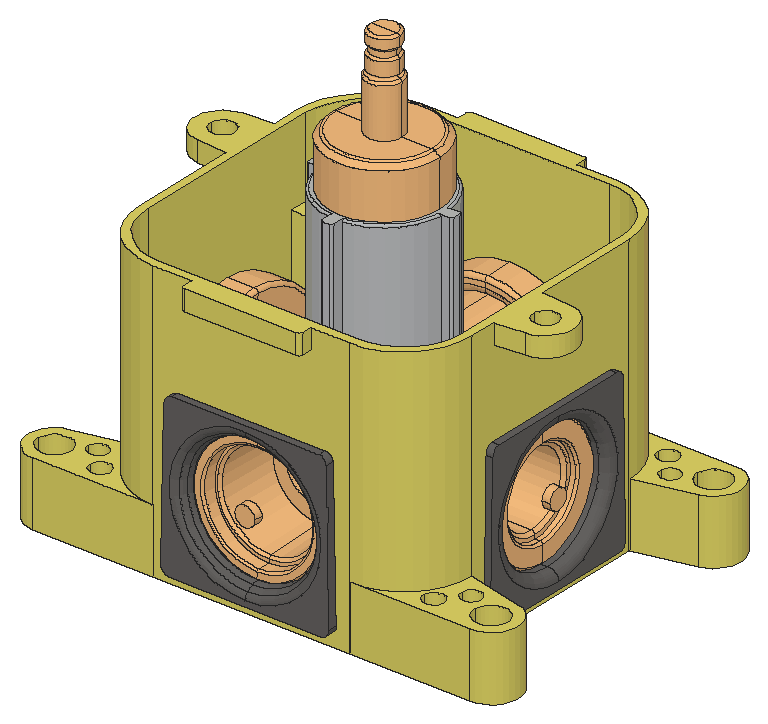
Revit family "Shower-Valves_and_Controls-KALLISTA-Italy-P32996", category Plumbing Fixtures, host Face, Revit 2021
Family settings
  Host = Face
  Round Connector Dimension = Use Diameter
  Part Type = Normal
  OmniClass Number = 23.27.31.00
  OmniClass Title = Valves
  Cut with Voids When Loaded = No
  Shared = No
  Room Calculation Point = No
Parameters (values of type "NA-Not Applicable")
  Width = 4 111/128"  # constant formula
  WaterSense Certified = 1 = 0  # no
  Waste Water Outlet = "Waste Water Outlet"  # constant formula
  Waste Connection = 1 = 0  # no
  Vent Connection = 1 = 0  # no
  URL = "https://www.kallista.com/"
  Type = 1
  Tempered Water Outlet = "Tempered Water Outlet "  # constant formula
  Product Page URL = ""
  Product Name = "Italy"  # constant formula
  Product Documentation Link = ""
  Pressure = 0.00 psi
  Model = "P32996-00-NA"  # constant formula
  Material = "Premium Metal Construction"  # constant formula
  Master Format 2014 Name = "Control Valves"  # constant formula
  Master Format 2014 = "23 09 13.33"  # constant formula
  Manufacturer Address = "444 Highland Dr, Kohler, WI 53044"  # constant formula
  Manufacturer = "Kallista Co."  # constant formula
  Length = 4 127/256"  # constant formula
  Hot Water Inlet = "Hot Water Inlet"  # constant formula
  Height = 3 145/256"  # constant formula
  HW Connection = 1 = 1  # yes
  Flow Rate = 0 GPM
  Finish = Kohler-Metal-Brass
  Environmental Product Declaration = ""
  Description = "Volume Control Rough In Valve"  # constant formula
  Default Elevation = 42"
  Declare Label = ""
  Date Modified = "11/12/2024"  # constant formula
  Date Created = "11/12/2024"  # constant formula
  Copyright = "Copyright Kallista Co."  # constant formula
  Contact Us = "https://www.kallista.com/corporate/contact-us/"
  Cold Water Inlet = "Cold Water Inlet"  # constant formula
  CW Connection = 1 = 1  # yes
  Assembly Code = "D2020"
  ADA Compliant = 1 = 0  # no
Reference planes (in)
  plane 1 "Center (Front/Back)": y = 0
  plane 2: z = 0
  plane 3 "Center (Left/Right)": x = 0
  plane 4: y = 1.78346
  plane 5: x = -2.43307
  plane 6: y = -1.78294
  plane 7: x = -2.16535
  plane 8: x = 2.16535
  plane 9: x = -1.72457
  plane 10: x = 1.64583
  plane 11: y = 1.37795
  plane 12: y = -1.37795
  plane 13: x = -1.64583
  plane 14: y = -1.64549
  plane 15: x = 1.72457
  plane 16: y = 1.64549
  plane 17: x = 2.43412
  plane 18: y = 1.72442
  plane 19: y = -1.72442
  plane 20: z = 1.1811
  plane 21: z = -3.31499
  plane 22: z = -0.55125
  plane 23: z = 0.2757
  plane 24: z = -2.40161
  plane 25: x = -0.60599
  plane 26: y = 0.60599
  plane 27: x = 0.60599
  plane 28: y = -0.60599
Forms (in)
  Extrusion 1, void
    sketch origin (-0.04921, 0, 0) x (1, 0, 0) y (0, 0, 1)
      loop
        line (1.5389, -0.60561) -> (-1.87432, -0.60561) -> (-1.87432, -2.08525) -> (1.5389, -2.08525) -> (1.5389, -0.60561)
    from -1.34438 to 1.48338
  Extrusion 2, void
    sketch origin (0, 0, 0) x (1, 0, 0) y (0, 0, 1)
      loop
        line (-2.43307, -3.31499) -> (2.43307, -3.31499) -> (2.43307, -0.23626) -> (-2.43307, -0.23626) -> (-2.43307, -3.31499)
    from -1.78346 to 1.78346
  Extrusion 3, void
    sketch origin (0, 0, 0) x (1, 0, 0) y (0, 1, 0)
      loop
        circle (0, 0) r 0.55113
    from 0.21629 to -0.74721
Dimensions and locks (in)
  plane 20 to level = 1.1811"
  plane 5 to plane 17 = 4 111/128"
  plane 20 to plane 21 = 4 127/256"
  level to plane 21 = 3.31499"
  plane 9 to plane 15 = 3.44914"
  plane 13 to plane 10 = 3.29166"
  plane 24 to plane 21 = 0.91339"
  "Length": plane 21 to plane 20
  plane 4 to plane 6 = 3 145/256"
  "Width": plane 5 to plane 17
  "Height": plane 4 to plane 6
  aligned and locked: plane 2 to host face
  aligned and locked: level to host face
  aligned and locked: plane 1 "Center (Front/Back)" to nested 1
  aligned and locked: plane 3 "Center (Left/Right)" to nested 1
  aligned and locked: nested 1 to plane 20
Automatic sketch dimensions
  host sketch curve to host sketch curve = 96"  (x2)
  Extrusion 1 sketch curve to plane 22 = 0.05435"
  plane 9 to Extrusion 1 sketch curve = 0.19896"
  Extrusion 1 sketch curve to plane 10 = 0.15615"
  Extrusion 1 sketch curve to plane 24 = 0.31636"
  plane 22 to Extrusion 2 sketch curve = 0.31499"
  Extrusion 2 sketch curve to plane 21 = 0"
  plane 5 to Extrusion 2 sketch curve = 0"
  Extrusion 2 sketch curve to plane 8 = 0.26772"
Nested families (in)
  nested 1: "P32996" at (0, 0, -0.55125), type "P32996"
Connectors (in)
  piping at (0, -1.72442, -2.40165), diameter 0.75, driven by "HW Connection", driven by "Hot Water Inlet"
    settings: on nested 1, index 1, connector inside diameter 24", connector length 0", flow factor 0, pipe flow 0 GPM, pressure drop 0.00 psi, fitting loss kfactor 0, connector angle 0.00°, fixture units 0, engagement length 0", angle of deflection 0.00°, flow configuration 0, flow direction 1, fitting loss method 0, system type 19, joint type 0, gender type 0, connector reference index -1, connector utility 1, adjustable connector no, is connector primary yes, connector description "Hot Water Inlet"
  piping at (0, 1.72442, -2.40165), diameter 0.75, driven by "CW Connection", driven by "Cold Water Inlet"
    settings: on nested 1, index 2, connector inside diameter 24", connector length 0", flow factor 0, pipe flow 0 GPM, pressure drop 0.00 psi, fitting loss kfactor 0, connector angle 0.00°, fixture units 0, engagement length 0", angle of deflection 0.00°, flow configuration 0, flow direction 1, fitting loss method 0, system type 20, joint type 0, gender type 0, connector reference index -1, connector utility 1, adjustable connector no, is connector primary no, connector description "Cold Water Inlet"
  piping at (1.72442, 0, -2.40165), diameter 0.5, driven by "HW Connection", driven by "Tempered Water Outlet"
    settings: on nested 1, index 3, connector inside diameter 24", connector length 0", flow factor 0, pipe flow 0 GPM, pressure drop 0.00 psi, fitting loss kfactor 0, connector angle 0.00°, fixture units 0, engagement length 0", angle of deflection 0.00°, flow configuration 0, flow direction 2, fitting loss method 0, system type 19, joint type 0, gender type 0, connector reference index -1, connector utility 1, adjustable connector no, is connector primary no, connector description "Tempered Water Outlet "
Definition of nested family "P32996"
  Parameters
    Material = none
    Default Elevation = 0"
  Reference planes (in)
    plane 1 "Center (Front/Back)": y = 0
    plane 2: z = 0
    plane 3 "Center (Left/Right)": x = 0
    plane 4: z = -2.76378
    plane 5: x = 2.43307
    plane 6: x = -2.43307
    plane 7: x = -2.16535
    plane 8: x = 2.16535
    plane 9: z = -1.85039
    plane 10: y = -1.78346
    plane 11: y = 1.78346
    plane 12: y = 1.37795
    plane 13: y = -1.37795
    plane 14: z = 1.73235
    plane 15: x = -1.64583
    plane 16: x = 1.64583
    plane 17: y = -1.64549
    plane 18: y = 1.64549
    plane 19: x = -1.72457
    plane 20: x = 1.72457
    plane 21: y = -1.72442
    plane 22: y = 1.72442
    plane 23: x = -0.60599
    plane 24: x = 0.60599
    plane 25: y = -0.60599
    plane 26: y = 0.60599
    plane 27: z = 0.55125
  Forms (in)
    Extrusion 1, solid
      sketch origin (0, 0, 0) x (1, 0, 0) y (0, 1, 0)
        loop
          arc (-0.97654, 1.64549) -> (-1.4498, 1.44946) -> (-1.64583, 0.97619) r 0.66929
          line (-1.64583, 0.97619) -> (-1.64583, -0.97619)
          arc (-1.64583, -0.97619) -> (-1.4498, -1.44946) -> (-0.97654, -1.64549) r 0.66929
          line (-0.97654, -1.64549) -> (0.97654, -1.64549)
          arc (0.97654, -1.64549) -> (1.4498, -1.44946) -> (1.64583, -0.97619) r 0.66929
          line (1.64583, -0.97619) -> (1.64583, 0.97619)
          arc (1.64583, 0.97619) -> (1.4498, 1.44946) -> (0.97654, 1.64549) r 0.66929
          line (0.97654, 1.64549) -> (-0.97654, 1.64549)
        loop
          arc (-0.97654, 1.56675) -> (-1.39412, 1.39378) -> (-1.56709, 0.97619) r 0.59055
          line (-1.56709, 0.97619) -> (-1.56709, -0.97619)
          arc (-1.56709, -0.97619) -> (-1.39412, -1.39378) -> (-0.97654, -1.56675) r 0.59055
          line (-0.97654, -1.56675) -> (0.97654, -1.56675)
          arc (0.97654, -1.56675) -> (1.39412, -1.39378) -> (1.56709, -0.97619) r 0.59055
          line (1.56709, -0.97619) -> (1.56709, 0.97619)
          arc (1.56709, 0.97619) -> (1.39412, 1.39378) -> (0.97654, 1.56675) r 0.59055
          line (0.97654, 1.56675) -> (-0.97654, 1.56675)
      from 0 to -2.76378
    Extrusion 2, solid
      sketch origin (0, 0, 0) x (1, 0, 0) y (0, 1, 0)
        loop
          arc (0.97654, 1.64549) -> (1.44715, 1.45209) -> (1.64579, 0.98368) r 0.66929
          line (1.64579, 0.98368) -> (2.22594, 1.11761)
          arc (2.22594, 1.11761) -> (2.43144, 1.40839) -> (2.16579, 1.64549) r 0.26736
          line (2.16579, 1.64549) -> (0.97654, 1.64549)
        loop
          circle (2.16579, 1.37812) r 0.16468
        loop
          circle (1.65401, 1.45083) r 0.10277
        loop
          circle (1.85139, 1.23292) r 0.09799
        loop
          line (-0.97654, 1.64549) -> (-2.16579, 1.64549)
          arc (-2.16579, 1.64549) -> (-2.43144, 1.40839) -> (-2.22594, 1.11761) r 0.26736
          line (-2.22594, 1.11761) -> (-1.64579, 0.98368)
          arc (-1.64579, 0.98368) -> (-1.44715, 1.45209) -> (-0.97654, 1.64549) r 0.66929
        loop
          circle (-2.16579, 1.37812) r 0.16468
        loop
          circle (-1.65401, 1.45083) r 0.10277
        loop
          circle (-1.85139, 1.23292) r 0.09799
        loop
          line (0.97654, -1.64549) -> (2.16579, -1.64549)
          arc (2.16579, -1.64549) -> (2.43144, -1.40839) -> (2.22594, -1.11761) r 0.26736
          line (2.22594, -1.11761) -> (1.64579, -0.98368)
          arc (1.64579, -0.98368) -> (1.44715, -1.45209) -> (0.97654, -1.64549) r 0.66929
        loop
          circle (2.16579, -1.37812) r 0.16468
        loop
          circle (1.65401, -1.45083) r 0.10277
        loop
          circle (1.85139, -1.23292) r 0.09799
        loop
          arc (-0.97654, -1.64549) -> (-1.44715, -1.45209) -> (-1.64579, -0.98368) r 0.66929
          line (-1.64579, -0.98368) -> (-2.22594, -1.11761)
          arc (-2.22594, -1.11761) -> (-2.43144, -1.40839) -> (-2.16579, -1.64549) r 0.26736
          line (-2.16579, -1.64549) -> (-0.97654, -1.64549)
        loop
          circle (-2.16579, -1.37812) r 0.16468
        loop
          circle (-1.65401, -1.45083) r 0.10277
        loop
          circle (-1.85139, -1.23292) r 0.09799
      from -2.76378 to -2.12502
    Extrusion 3, solid
      sketch origin (0, 0, 0) x (1, 0, 0) y (0, 1, 0)
        loop
          line (-0.59045, -1.64549) -> (-0.59045, -1.74409)
          arc (-0.59045, -1.74409) -> (-0.57892, -1.77193) -> (-0.55108, -1.78346) r 0.03937
          line (-0.55108, -1.78346) -> (0.55042, -1.78346)
          arc (0.55042, -1.78346) -> (0.57854, -1.77182) -> (0.59019, -1.74369) r 0.03977
          line (0.59019, -1.74369) -> (0.59019, -1.64549) -> (-0.59045, -1.64549)
        loop
          line (-0.59045, 1.64549) -> (0.59019, 1.64549) -> (0.59019, 1.74369)
          arc (0.59019, 1.74369) -> (0.57854, 1.77182) -> (0.55042, 1.78346) r 0.03977
          line (0.55042, 1.78346) -> (-0.55108, 1.78346)
          arc (-0.55108, 1.78346) -> (-0.57892, 1.77193) -> (-0.59045, 1.74409) r 0.03937
          line (-0.59045, 1.74409) -> (-0.59045, 1.64549)
      from 0 to -0.19595
    Extrusion 4, solid
      sketch origin (0, 0, 0) x (1, 0, 0) y (0, 1, 0)
        loop
          line (-1.64583, 0.69503) -> (-1.9412, 0.66919)
          arc (-1.9412, 0.66919) -> (-2.19312, 0.39426) -> (-1.9412, 0.11934) r 0.27597
          line (-1.9412, 0.11934) -> (-1.64583, 0.0935) -> (-1.64583, 0.69503)
        loop
          circle (-1.91715, 0.39426) r 0.12136
        loop
          line (1.64583, -0.69503) -> (1.9412, -0.66919)
          arc (1.9412, -0.66919) -> (2.19312, -0.39426) -> (1.9412, -0.11934) r 0.27597
          line (1.9412, -0.11934) -> (1.64583, -0.0935) -> (1.64583, -0.69503)
        loop
          circle (1.91715, -0.39426) r 0.12136
      from 0 to -0.19595
    Extrusion 5, solid
      sketch origin (0, 0, 0) x (1, 0, 0) y (0, 1, 0)
        loop
          arc (0.97654, -1.64549) -> (1.4498, -1.44946) -> (1.64583, -0.97619) r 0.66929
          line (1.64583, -0.97619) -> (1.64583, 0.97619)
          arc (1.64583, 0.97619) -> (1.4498, 1.44946) -> (0.97654, 1.64549) r 0.66929
          line (0.97654, 1.64549) -> (-0.97654, 1.64549)
          arc (-0.97654, 1.64549) -> (-1.4498, 1.44946) -> (-1.64583, 0.97619) r 0.66929
          line (-1.64583, 0.97619) -> (-1.64583, -0.97619)
          arc (-1.64583, -0.97619) -> (-1.4498, -1.44946) -> (-0.97654, -1.64549) r 0.66929
          line (-0.97654, -1.64549) -> (0.97654, -1.64549)
      from -2.67113 to -2.76378
    Revolve 6, solid, material <- "Material"
      sketch origin (0, 0, 0) x (0, 1, 0) y (0, 0, 1)
        loop
          line (-1.72442, -1.06455) -> (-1.72442, -1.09605)
          arc (-1.72442, -1.09605) -> (-1.71543, -1.13527) -> (-1.69023, -1.16664) r 0.08998
          arc (-1.69023, -1.16664) -> (-1.66232, -1.18626) -> (-1.63239, -1.20262) r 0.30392
          arc (-1.63239, -1.20262) -> (-1.60226, -1.21305) -> (-1.57056, -1.21658) r 0.14389
          line (-1.57056, -1.21658) -> (-1.53907, -1.21658) -> (-1.57472, -1.22956) -> (-1.57472, -1.29116) -> (-1.55296, -1.31293) -> (-1.43714, -1.31293) -> (-1.43714, -1.34459) -> (-1.40668, -1.37015) -> (-0.81649, -1.39076) -> (-0.81649, -1.53448) -> (-0.65314, -1.53448) -> (-0.65314, -1.85039) -> (0, -1.85039) -> (0.65314, -1.85039) -> (0.65314, -1.53448) -> (0.81649, -1.53448) -> (0.81649, -1.39076) -> (1.40668, -1.37015) -> (1.43714, -1.34459) -> (1.43714, -1.31293) -> (1.55296, -1.31293) -> (1.57472, -1.29116) -> (1.57472, -1.22956) -> (1.53907, -1.21658) -> (1.57056, -1.21658)
          arc (1.57056, -1.21658) -> (1.60226, -1.21305) -> (1.63239, -1.20262) r 0.14389
          arc (1.63239, -1.20262) -> (1.66232, -1.18626) -> (1.69023, -1.16664) r 0.30392
          arc (1.69023, -1.16664) -> (1.71543, -1.13527) -> (1.72442, -1.09605) r 0.08998
          line (1.72442, -1.09605) -> (1.72442, -1.06455) -> (1.60253, -1.06455) -> (1.58523, -1.03457) -> (1.29059, -1.03457)
          arc (1.29059, -1.03457) -> (1.26331, -1.04587) -> (1.25201, -1.07315) r 0.03858
          line (1.25201, -1.07315) -> (1.25201, -1.12978)
          arc (1.25201, -1.12978) -> (1.26794, -1.17721) -> (1.30928, -1.20541) r 0.07858
          line (1.30928, -1.20541) -> (-0.06876, -1.20541) -> (-1.30928, -1.20541)
          arc (-1.30928, -1.20541) -> (-1.26794, -1.17721) -> (-1.25201, -1.12978) r 0.07858
          line (-1.25201, -1.12978) -> (-1.25201, -1.07315)
          arc (-1.25201, -1.07315) -> (-1.26331, -1.04587) -> (-1.29059, -1.03457) r 0.03858
          line (-1.29059, -1.03457) -> (-1.58523, -1.03457) -> (-1.60253, -1.06455) -> (-1.72442, -1.06455)
        axis (1.72442, -1.85039) -> (-1.72442, -1.85039)
      angle from 0 to 360
    Revolve 7, solid, material <- "Material"
      sketch origin (0, 0, 0) x (1, 0, 0) y (0, 0, 1)
        loop
          line (1.72457, -1.11266) -> (1.72457, -1.07478) -> (1.62196, -1.07478) -> (1.62196, -1.03354) -> (1.28683, -1.03354)
          arc (1.28683, -1.03354) -> (1.2625, -1.04362) -> (1.25241, -1.06795) r 0.03442
          line (1.25241, -1.06795) -> (1.25241, -1.12241)
          arc (1.25241, -1.12241) -> (1.26661, -1.16942) -> (1.30445, -1.20072) r 0.08494
          line (1.30445, -1.20072) -> (-0.12936, -1.20072) -> (-0.12936, -1.31712) -> (0.89681, -1.31712)
          arc (0.89681, -1.31712) -> (0.9584, -1.34263) -> (0.98391, -1.40422) r 0.0871
          line (0.98391, -1.40422) -> (0.98391, -1.48728) -> (1.46372, -1.48728) -> (1.49552, -1.45549) -> (1.49552, -1.4194) -> (1.55278, -1.4194) -> (1.57562, -1.39656) -> (1.57562, -1.23796) -> (1.55388, -1.21622) -> (1.62102, -1.21622)
          arc (1.62102, -1.21622) -> (1.69424, -1.18589) -> (1.72457, -1.11266) r 0.10355
        loop
          arc (-1.72457, -1.11041) -> (-1.71608, -1.14209) -> (-1.69289, -1.16528) r 0.06337
          line (-1.69289, -1.16528) -> (-1.607, -1.21487) -> (-1.28283, -1.21487) -> (-1.28283, -1.85039) -> (-1.25133, -1.85039) -> (-1.25133, -1.07199)
          arc (-1.25133, -1.07199) -> (-1.26259, -1.04482) -> (-1.28976, -1.03356) r 0.03842
          line (-1.28976, -1.03356) -> (-1.62265, -1.03356) -> (-1.62265, -1.07844) -> (-1.72457, -1.07844) -> (-1.72457, -1.11041)
        axis (-1.72457, -1.85039) -> (1.72457, -1.85039)
      angle from 0 to 360
    Extrusion 8, solid, material <- "Material"
      sketch origin (0, 0, 0) x (1, 0, 0) y (0, 0, 1)
        loop
          circle (0, -1.85039) r 0.78584
        loop
          arc (-0.72479, -1.04487) -> (-0.77988, -1.06735) -> (-0.80351, -1.12196) r 0.07874
          line (-0.80351, -1.12196) -> (-0.83404, -2.57353)
          arc (-0.83404, -2.57353) -> (-0.81158, -2.63027) -> (-0.75532, -2.65393) r 0.07874
          line (-0.75532, -2.65393) -> (0.75379, -2.65393)
          arc (0.75379, -2.65393) -> (0.81, -2.63032) -> (0.83252, -2.57367) r 0.07874
          line (0.83252, -2.57367) -> (0.80452, -1.12209)
          arc (0.80452, -1.12209) -> (0.78093, -1.0674) -> (0.72579, -1.04487) r 0.07874
          line (0.72579, -1.04487) -> (-0.72479, -1.04487)
      from 1.62333 to 1.72442
    Extrusion 9, solid, material <- "Material"
      sketch origin (0, 0, 0) x (1, 0, 0) y (0, 0, -1)
        loop
          circle (0, 1.85039) r 0.78584
        loop
          line (-0.72479, 1.04487) -> (0.72579, 1.04487)
          arc (0.72579, 1.04487) -> (0.78093, 1.0674) -> (0.80452, 1.12209) r 0.07874
          line (0.80452, 1.12209) -> (0.83252, 2.57367)
          arc (0.83252, 2.57367) -> (0.81, 2.63032) -> (0.75379, 2.65393) r 0.07874
          line (0.75379, 2.65393) -> (-0.75532, 2.65393)
          arc (-0.75532, 2.65393) -> (-0.81158, 2.63027) -> (-0.83404, 2.57353) r 0.07874
          line (-0.83404, 2.57353) -> (-0.80351, 1.12196)
          arc (-0.80351, 1.12196) -> (-0.77988, 1.06735) -> (-0.72479, 1.04487) r 0.07874
      from 1.62333 to 1.72442
    Revolve 10, solid, material <- "Material", detail levels medium+fine
      sketch origin (0, 0, 0) x (1, 0, 0) y (0, 0, 1)
        loop
          line (0, 1.73235) -> (0, -1.7456) -> (0.65248, -1.7456) -> (0.65248, -1.16157) -> (0.60599, -1.16157) -> (0.60599, 0.29531)
          arc (0.60599, 0.29531) -> (0.60023, 0.30923) -> (0.58631, 0.31499) r 0.01969
          line (0.58631, 0.31499) -> (0.55113, 0.31499) -> (0.55113, 0.76755) -> (0.50326, 0.81542)
          arc (0.50326, 0.81542) -> (0.49048, 0.82396) -> (0.47542, 0.82695) r 0.03937
          line (0.47542, 0.82695) -> (0.1773, 0.82695) -> (0.1773, 1.31498) -> (0.1574, 1.3387)
          arc (0.1574, 1.3387) -> (0.13052, 1.35389) -> (0.14947, 1.37827) r 0.0204
          line (0.14947, 1.37827) -> (0.14947, 1.51232) -> (0.12587, 1.53593) -> (0.12587, 1.59508) -> (0.15031, 1.61952) -> (0.15031, 1.71132) -> (0.12524, 1.73235) -> (0, 1.73235)
        axis (0, 1.73235) -> (0, -1.7456)
      angle from 0 to 360
    Extrusion 11, solid, material <- "Material", detail levels medium+fine
      sketch origin (0, 0, 0) x (1, 0, 0) y (0, 1, 0)
        loop
          line (0.56443, 0.05936) -> (0.56443, -0.05872) -> (0.69825, -0.05872)
          arc (0.69825, -0.05872) -> (0.7132, -0.05288) -> (0.72023, -0.03845) r 0.02205
          arc (0.72023, -0.03845) -> (0.72178, 0.0002) -> (0.72021, 0.03886) r 0.47832
          arc (0.72021, 0.03886) -> (0.7131, 0.05346) -> (0.69798, 0.05936) r 0.02231
          line (0.69798, 0.05936) -> (0.56443, 0.05936)
        loop
          line (-0.56443, 0.05936) -> (-0.69798, 0.05936)
          arc (-0.69798, 0.05936) -> (-0.7131, 0.05346) -> (-0.72021, 0.03886) r 0.02231
          arc (-0.72021, 0.03886) -> (-0.72178, 0.0002) -> (-0.72023, -0.03845) r 0.47832
          arc (-0.72023, -0.03845) -> (-0.7132, -0.05288) -> (-0.69825, -0.05872) r 0.02205
          line (-0.69825, -0.05872) -> (-0.56443, -0.05872) -> (-0.56443, 0.05936)
        loop
          line (0.05936, 0.56443) -> (0.05936, 0.69798)
          arc (0.05936, 0.69798) -> (0.05346, 0.7131) -> (0.03886, 0.72021) r 0.02231
          arc (0.03886, 0.72021) -> (0.0002, 0.72178) -> (-0.03845, 0.72023) r 0.47832
          arc (-0.03845, 0.72023) -> (-0.05288, 0.7132) -> (-0.05872, 0.69825) r 0.02205
          line (-0.05872, 0.69825) -> (-0.05872, 0.56443) -> (0.05936, 0.56443)
        loop
          line (0.05936, -0.56443) -> (-0.05872, -0.56443) -> (-0.05872, -0.69825)
          arc (-0.05872, -0.69825) -> (-0.05288, -0.7132) -> (-0.03845, -0.72023) r 0.02205
          arc (-0.03845, -0.72023) -> (0.0002, -0.72178) -> (0.03886, -0.72021) r 0.47832
          arc (0.03886, -0.72021) -> (0.05346, -0.7131) -> (0.05936, -0.69798) r 0.02231
          line (0.05936, -0.69798) -> (0.05936, -0.56443)
      from 0.31499 to -1.16157
    Extrusion 12, solid, material <- "Material"
      sketch origin (0, 0, 0) x (1, 0, 0) y (0, 1, 0)
        loop
          arc (-0.94175, 1.1433) -> (-1.13931, 0.94573) -> (-0.94175, 0.74817) r 0.19756
          line (-0.94175, 0.74817) -> (-0.38883, 0.74817)
          arc (-0.38883, 0.74817) -> (-0.20438, 0.73168) -> (-0.02578, 0.68273) r 1.03976
          line (-0.02578, 0.68273) -> (-0.02578, 1.19614)
          arc (-0.02578, 1.19614) -> (-0.15153, 1.15664) -> (-0.28266, 1.1433) r 0.65073
          line (-0.28266, 1.1433) -> (-0.94175, 1.1433)
        loop
          arc (0.36315, -0.7477) -> (0.17982, -0.7299) -> (0.00334, -0.67715) r 0.95284
          line (0.00334, -0.67715) -> (0.00334, -1.20167)
          arc (0.00334, -1.20167) -> (0.1898, -1.15654) -> (0.38105, -1.14137) r 1.21311
          line (0.38105, -1.14137) -> (0.94699, -1.14137)
          arc (0.94699, -1.14137) -> (1.14382, -0.94454) -> (0.94699, -0.7477) r 0.19683
          line (0.94699, -0.7477) -> (0.36315, -0.7477)
        loop
          circle (0.94699, -0.94454) r 0.11811
        loop
          circle (-0.94175, 0.94573) r 0.11811
      from -1.54579 to -1.21895
    Extrusion 13, solid, material <- "Material"
      sketch origin (0, 0, 0) x (0, 1, 0) y (0, 0, 1)
        loop
          circle (0, -1.85039) r 0.77196
        loop
          line (0.72683, -1.04525) -> (-0.72683, -1.04525)
          arc (-0.72683, -1.04525) -> (-0.78297, -1.06878) -> (-0.80556, -1.12531) r 0.07874
          arc (-0.80556, -1.12531) -> (-0.80584, -1.84923) -> (-0.83098, -2.57271) r 21.07999
          arc (-0.83098, -2.57271) -> (-0.80945, -2.63101) -> (-0.75235, -2.65554) r 0.07874
          line (-0.75235, -2.65554) -> (0.75235, -2.65554)
          arc (0.75235, -2.65554) -> (0.80945, -2.63101) -> (0.83098, -2.57271) r 0.07874
          arc (0.83098, -2.57271) -> (0.80584, -1.84923) -> (0.80556, -1.12531) r 21.07999
          arc (0.80556, -1.12531) -> (0.78297, -1.06878) -> (0.72683, -1.04525) r 0.07874
      from -1.64579 to -1.72457
    Extrusion 14, solid, material <- "Material"
      sketch origin (0, 0, 0) x (0, 1, 0) y (0, 0, 1)
        loop
          circle (0, -1.85039) r 0.77561
        loop
          arc (-0.72613, -1.0449) -> (-0.78218, -1.06833) -> (-0.80487, -1.12468) r 0.07874
          arc (-0.80487, -1.12468) -> (-0.80644, -1.84921) -> (-0.83021, -2.57336) r 23.64358
          arc (-0.83021, -2.57336) -> (-0.80857, -2.63147) -> (-0.75156, -2.65589) r 0.07874
          line (-0.75156, -2.65589) -> (0.75156, -2.65589)
          arc (0.75156, -2.65589) -> (0.80857, -2.63147) -> (0.83021, -2.57336) r 0.07874
          arc (0.83021, -2.57336) -> (0.80644, -1.84921) -> (0.80487, -1.12468) r 23.64358
          arc (0.80487, -1.12468) -> (0.78218, -1.06833) -> (0.72613, -1.0449) r 0.07874
          line (0.72613, -1.0449) -> (-0.72613, -1.0449)
      from 1.62196 to 1.72457
    Extrusion 15, void
      sketch origin (0, 0, 0) x (1, 0, 0) y (0, 0, 1)
        loop
          circle (0, -1.85039) r 0.75289
      from -2.82821 to 3.72726
    Extrusion 16, void
      sketch origin (0, 0, 0) x (0, 1, 0) y (0, 0, 1)
        loop
          circle (0, -1.85039) r 0.69938
      from -3.45305 to 2.60378
    Extrusion 17, solid
      sketch origin (0, 0, 0) x (1, 0, 0) y (0, 1, 0)
        loop
          line (0.97654, 1.56675) -> (0.80861, 1.56675) -> (0.80861, 1.39725) -> (0.88034, 1.39725)
          arc (0.88034, 1.39725) -> (0.93685, 1.41323) -> (0.97662, 1.45645) r 0.10789
          arc (0.97662, 1.45645) -> (1.01184, 1.49392) -> (1.06175, 1.50635) r 0.0911
          arc (1.06175, 1.50635) -> (1.14777, 1.49193) -> (1.22763, 1.45686) r 0.35288
          arc (1.22763, 1.45686) -> (1.23679, 1.44284) -> (1.23135, 1.42699) r 0.01907
          line (1.23135, 1.42699) -> (1.16209, 1.35774)
          arc (1.16209, 1.35774) -> (1.16209, 1.16256) -> (1.35728, 1.16256) r 0.13801
          line (1.35728, 1.16256) -> (1.4256, 1.23089)
          arc (1.4256, 1.23089) -> (1.44278, 1.23638) -> (1.45722, 1.22558) r 0.01969
          arc (1.45722, 1.22558) -> (1.48434, 1.16163) -> (1.50471, 1.09521) r 0.67208
          arc (1.50471, 1.09521) -> (1.50017, 1.02767) -> (1.4569, 0.9756) r 0.10989
          arc (1.4569, 0.9756) -> (1.42238, 0.93892) -> (1.40984, 0.89013) r 0.10114
          line (1.40984, 0.89013) -> (1.40984, 0.80372) -> (1.56709, 0.80372) -> (1.56709, 0.97619)
          arc (1.56709, 0.97619) -> (1.39412, 1.39378) -> (0.97654, 1.56675) r 0.59055
        loop
          circle (1.25968, 1.26015) r 0.09843
        loop
          arc (0.97654, -1.56675) -> (1.39412, -1.39378) -> (1.56709, -0.97619) r 0.59055
          line (1.56709, -0.97619) -> (1.56709, -0.80372) -> (1.40984, -0.80372) -> (1.40984, -0.89013)
          arc (1.40984, -0.89013) -> (1.42238, -0.93892) -> (1.4569, -0.9756) r 0.10114
          arc (1.4569, -0.9756) -> (1.50017, -1.02767) -> (1.50471, -1.09521) r 0.10989
          arc (1.50471, -1.09521) -> (1.48434, -1.16163) -> (1.45722, -1.22558) r 0.67208
          arc (1.45722, -1.22558) -> (1.44278, -1.23638) -> (1.4256, -1.23089) r 0.01969
          line (1.4256, -1.23089) -> (1.35728, -1.16256)
          arc (1.35728, -1.16256) -> (1.16209, -1.16256) -> (1.16209, -1.35774) r 0.13801
          line (1.16209, -1.35774) -> (1.23135, -1.42699)
          arc (1.23135, -1.42699) -> (1.23679, -1.44284) -> (1.22763, -1.45686) r 0.01907
          arc (1.22763, -1.45686) -> (1.14777, -1.49193) -> (1.06175, -1.50635) r 0.35288
          arc (1.06175, -1.50635) -> (1.01184, -1.49392) -> (0.97662, -1.45645) r 0.0911
          arc (0.97662, -1.45645) -> (0.93685, -1.41323) -> (0.88034, -1.39725) r 0.10789
          line (0.88034, -1.39725) -> (0.80861, -1.39725) -> (0.80861, -1.56675) -> (0.97654, -1.56675)
        loop
          circle (1.25968, -1.26015) r 0.09843
        loop
          arc (-0.97654, 1.56675) -> (-1.39412, 1.39378) -> (-1.56709, 0.97619) r 0.59055
          line (-1.56709, 0.97619) -> (-1.56709, 0.80372) -> (-1.40984, 0.80372) -> (-1.40984, 0.89013)
          arc (-1.40984, 0.89013) -> (-1.42238, 0.93892) -> (-1.4569, 0.9756) r 0.10114
          arc (-1.4569, 0.9756) -> (-1.50017, 1.02767) -> (-1.50471, 1.09521) r 0.10989
          arc (-1.50471, 1.09521) -> (-1.48434, 1.16163) -> (-1.45722, 1.22558) r 0.67208
          arc (-1.45722, 1.22558) -> (-1.44278, 1.23638) -> (-1.4256, 1.23089) r 0.01969
          line (-1.4256, 1.23089) -> (-1.35728, 1.16256)
          arc (-1.35728, 1.16256) -> (-1.16209, 1.16256) -> (-1.16209, 1.35774) r 0.13801
          line (-1.16209, 1.35774) -> (-1.23135, 1.42699)
          arc (-1.23135, 1.42699) -> (-1.23679, 1.44284) -> (-1.22763, 1.45686) r 0.01907
          arc (-1.22763, 1.45686) -> (-1.14777, 1.49193) -> (-1.06175, 1.50635) r 0.35288
          arc (-1.06175, 1.50635) -> (-1.01184, 1.49392) -> (-0.97662, 1.45645) r 0.0911
          arc (-0.97662, 1.45645) -> (-0.93685, 1.41323) -> (-0.88034, 1.39725) r 0.10789
          line (-0.88034, 1.39725) -> (-0.80861, 1.39725) -> (-0.80861, 1.56675) -> (-0.97654, 1.56675)
        loop
          circle (-1.25968, 1.26015) r 0.09843
        loop
          line (-0.97654, -1.56675) -> (-0.80861, -1.56675) -> (-0.80861, -1.39725) -> (-0.88034, -1.39725)
          arc (-0.88034, -1.39725) -> (-0.93685, -1.41323) -> (-0.97662, -1.45645) r 0.10789
          arc (-0.97662, -1.45645) -> (-1.01184, -1.49392) -> (-1.06175, -1.50635) r 0.0911
          arc (-1.06175, -1.50635) -> (-1.14777, -1.49193) -> (-1.22763, -1.45686) r 0.35288
          arc (-1.22763, -1.45686) -> (-1.23679, -1.44284) -> (-1.23135, -1.42699) r 0.01907
          line (-1.23135, -1.42699) -> (-1.16209, -1.35774)
          arc (-1.16209, -1.35774) -> (-1.16209, -1.16256) -> (-1.35728, -1.16256) r 0.13801
          line (-1.35728, -1.16256) -> (-1.4256, -1.23089)
          arc (-1.4256, -1.23089) -> (-1.44278, -1.23638) -> (-1.45722, -1.22558) r 0.01969
          arc (-1.45722, -1.22558) -> (-1.48434, -1.16163) -> (-1.50471, -1.09521) r 0.67208
          arc (-1.50471, -1.09521) -> (-1.50017, -1.02767) -> (-1.4569, -0.9756) r 0.10989
          arc (-1.4569, -0.9756) -> (-1.42238, -0.93892) -> (-1.40984, -0.89013) r 0.10114
          line (-1.40984, -0.89013) -> (-1.40984, -0.80372) -> (-1.56709, -0.80372) -> (-1.56709, -0.97619)
          arc (-1.56709, -0.97619) -> (-1.39412, -1.39378) -> (-0.97654, -1.56675) r 0.59055
        loop
          circle (-1.25968, -1.26015) r 0.09843
      from -2.65554 to -0.79032
    Extrusion 18, solid, material <- "Material", detail levels coarse
      sketch origin (0, 0, 0) x (1, 0, 0) y (0, 1, 0)
        loop
          circle (0, 0) r 0.65248
      from -2.67113 to 1.73235
    Extrusion 19, solid, material <- "Material"
      sketch origin (0, 0, 0) x (1, 0, 0) y (0, 0, 1)
        loop
          circle (0, -1.85039) r 0.09843
      from 1.64549 to 1.72442
    Extrusion 20, solid, material <- "Material"
      sketch origin (0, 0, 0) x (1, 0, 0) y (0, 0, -1)
        loop
          circle (0, 1.85039) r 0.09843
      from 1.64549 to 1.72442
    Extrusion 21, solid, material <- "Material"
      sketch origin (0, 0, 0) x (0, -1, 0) y (0, 0, -1)
        loop
          circle (0, 1.85039) r 0.09843
      from 1.64549 to 1.72442
    Extrusion 22, solid, material <- "Material"
      sketch origin (0, 0, 0) x (0, -1, 0) y (0, 0, 1)
        loop
          circle (0, -1.85039) r 0.09843
      from 1.64549 to 1.72457
  Cuts and joins
    Extrusion 15, Extrusion 16 cuts Extrusion 1
    joined: Extrusion 1, Extrusion 3, Extrusion 4, Extrusion 5, Extrusion 17
    joined: Revolve 6, Extrusion 8, Extrusion 9
    joined: Revolve 10, Extrusion 11
    joined: Revolve 7, Extrusion 13, Extrusion 14
    Extrusion 15 cuts Extrusion 12
  Lines and regions (in)
    Masking region 1, detail levels medium+fine
      outline origin (0, 0, 0) x (1, 0, 0) y (0, 0, 1)
        loop
          line (2.43316, -2.76378) -> (2.43316, -2.12502) -> (1.72457, -2.12502) -> (1.72457, -1.0449) -> (1.64583, -1.0449) -> (1.64583, -0.19595) -> (2.19312, -0.19595) -> (2.19312, 0) -> (0.72178, 0) -> (0.72178, 0.31499) -> (0.55113, 0.31499) -> (0.55113, 0.55125) -> (-0.55113, 0.55125) -> (-0.55113, 0.31499) -> (-0.72178, 0.31499) -> (-0.72178, 0) -> (-2.19312, 0) -> (-2.19312, -0.19595) -> (-1.64583, -0.19595) -> (-1.64583, -1.0449) -> (-1.72457, -1.0449) -> (-1.72457, -2.12502) -> (-2.43316, -2.12502) -> (-2.43316, -2.76378) -> (2.43316, -2.76378)
    Masking region 2
      outline origin (0, 0, 0) x (0, 1, 0) y (0, 0, 1)
        loop
          line (0, 1.73235) -> (-0.12524, 1.73235) -> (-0.15031, 1.71132) -> (-0.15031, 1.61952) -> (-0.12587, 1.59508) -> (-0.12587, 1.53593) -> (-0.14947, 1.51232) -> (-0.14947, 1.37827)
          arc (-0.14947, 1.37827) -> (-0.13052, 1.35389) -> (-0.1574, 1.3387) r 0.0204
          line (-0.1574, 1.3387) -> (-0.1773, 1.31498) -> (-0.1773, 0.82695) -> (-0.47542, 0.82695)
          arc (-0.47542, 0.82695) -> (-0.49048, 0.82396) -> (-0.50326, 0.81542) r 0.03937
          line (-0.50326, 0.81542) -> (-0.55113, 0.76755) -> (-0.55113, 0.31499) -> (-0.72178, 0.31499) -> (-0.72178, 0) -> (-1.78346, 0) -> (-1.78346, -0.19595) -> (-1.64549, -0.19595) -> (-1.64549, -1.04487) -> (-1.72442, -1.04487) -> (-1.72442, -2.65393) -> (-1.64549, -2.65393) -> (-1.64549, -2.76378) -> (1.64549, -2.76378) -> (1.64549, -2.65393) -> (1.72442, -2.65393) -> (1.72442, -1.04487) -> (1.64549, -1.04487) -> (1.64549, -0.19595) -> (1.78346, -0.19595) -> (1.78346, 0) -> (0.72178, 0) -> (0.72178, 0.31499) -> (0.55113, 0.31499) -> (0.55113, 0.76755) -> (0.50326, 0.81542)
          arc (0.50326, 0.81542) -> (0.49048, 0.82396) -> (0.47542, 0.82695) r 0.03937
          line (0.47542, 0.82695) -> (0.1773, 0.82695) -> (0.1773, 1.31498) -> (0.1574, 1.3387)
          arc (0.1574, 1.3387) -> (0.13052, 1.35389) -> (0.14947, 1.37827) r 0.0204
          line (0.14947, 1.37827) -> (0.14947, 1.51232) -> (0.12587, 1.53593) -> (0.12587, 1.59508) -> (0.15031, 1.61952) -> (0.15031, 1.71132) -> (0.12524, 1.73235) -> (0, 1.73235)
    Masking region 3
      outline origin (0, 0, 0) x (1, 0, 0) y (0, 0, 1)
        loop
          line (0, 1.73235) -> (-0.12524, 1.73235) -> (-0.15031, 1.71132) -> (-0.15031, 1.61952) -> (-0.12587, 1.59508) -> (-0.12587, 1.53593) -> (-0.14947, 1.51232) -> (-0.14947, 1.37827)
          arc (-0.14947, 1.37827) -> (-0.13052, 1.35389) -> (-0.1574, 1.3387) r 0.0204
          line (-0.1574, 1.3387) -> (-0.1773, 1.31498) -> (-0.1773, 0.82695) -> (-0.47542, 0.82695)
          arc (-0.47542, 0.82695) -> (-0.49048, 0.82396) -> (-0.50326, 0.81542) r 0.03937
          line (-0.50326, 0.81542) -> (-0.55113, 0.76755) -> (-0.55113, 0.55125) -> (0.55113, 0.55125) -> (0.55113, 0.76755) -> (0.50326, 0.81542)
          arc (0.50326, 0.81542) -> (0.49048, 0.82396) -> (0.47542, 0.82695) r 0.03937
          line (0.47542, 0.82695) -> (0.1773, 0.82695) -> (0.1773, 1.31498) -> (0.1574, 1.3387)
          arc (0.1574, 1.3387) -> (0.13052, 1.35389) -> (0.14947, 1.37827) r 0.0204
          line (0.14947, 1.37827) -> (0.14947, 1.51232) -> (0.12587, 1.53593) -> (0.12587, 1.59508) -> (0.15031, 1.61952) -> (0.15031, 1.71132) -> (0.12524, 1.73235) -> (0, 1.73235)
    Masking region 4
      outline origin (0, 0, 0) x (1, 0, 0) y (0, 1, 0)
        loop
          circle (0, 0) r 0.60599
    symbolic lines, detail levels medium+fine
      curve 1: line (0.60599, 0, 0.29531) -> (0.60599, 0, 0)
      curve 2: arc (0.58631, 0, 0.31499) -> (0.60023, 0, 0.30923) -> (0.60599, 0, 0.29531) r 0.01969
      curve 3: line (1.72457, 0, -2.12502) -> (0.97654, 0, -2.12502)
      curve 4: line (0.97654, 0, -2.12502) -> (0.97654, 0, -2.76378)
      curve 5: line (-0.72479, 0, -1.04487) -> (0.72579, 0, -1.04487)
      curve 6: arc (0.72579, 0, -1.04487) -> (0.78093, 0, -1.0674) -> (0.80452, 0, -1.12209) r 0.07874
      curve 7: line (0.80452, 0, -1.12209) -> (0.83252, 0, -2.57367)
      curve 8: arc (0.83252, 0, -2.57367) -> (0.81, 0, -2.63032) -> (0.75379, 0, -2.65393) r 0.07874
      curve 9: line (0.75379, 0, -2.65393) -> (-0.75532, 0, -2.65393)
      curve 10: arc (-0.75532, 0, -2.65393) -> (-0.81158, 0, -2.63027) -> (-0.83404, 0, -2.57353) r 0.07874
      curve 11: line (-0.83404, 0, -2.57353) -> (-0.80351, 0, -1.12196)
      curve 12: arc (-0.80351, 0, -1.12196) -> (-0.77988, 0, -1.06735) -> (-0.72479, 0, -1.04487) r 0.07874
      curve 13: line (1.64583, 0, -1.0449) -> (1.64583, 0, -2.12502)
      curve 14: line (1.64583, 0, -0.19595) -> (1.64583, 0, 0)
      curve 15: line (0.05936, 0, 0.31499) -> (0.05936, 0, 0)
      curve 16: line (0.55113, 0, 0.31499) -> (0.0002, 0, 0.31499)
      curve 17: line (-0.00033, 0, -0.19595) -> (0.59019, 0, -0.19595)
      curve 18: line (0.59019, 0, -0.19595) -> (0.59019, 0, 0)
      curve 19: line (-0.60599, 0, 0.29531) -> (-0.60599, 0, 0)
      curve 20: arc (-0.58631, 0, 0.31499) -> (-0.60023, 0, 0.30923) -> (-0.60599, 0, 0.29531) r 0.01969
      curve 21: line (-1.72457, 0, -2.12502) -> (-0.97654, 0, -2.12502)
      curve 22: line (-0.97654, 0, -2.12502) -> (-0.97654, 0, -2.76378)
      curve 23: line (-1.64583, 0, -1.0449) -> (-1.64583, 0, -2.12502)
      curve 24: line (-1.64583, 0, -0.19595) -> (-1.64583, 0, 0)
      curve 25: line (-0.05936, 0, 0.31499) -> (-0.05936, 0, 0)
      curve 26: line (-0.55113, 0, 0.31499) -> (0.0002, 0, 0.31499)
      curve 27: line (-0.00033, 0, -0.19595) -> (-0.59019, 0, -0.19595)
      curve 28: line (-0.59019, 0, -0.19595) -> (-0.59019, 0, 0)
      curve 29: circle (0, 0, -1.85039) r 0.63381 normal (0, -1, 0)
      curve 30: circle (0, 0, -1.85039) r 0.55923 normal (0, 1, 0)
      curve 31: circle (0, 0, -1.85039) r 0.50581 normal (0, 1, 0)
      curve 32: circle (0, 0, -1.85039) r 0.48024 normal (0, 1, 0)
      curve 33: circle (0, 0, -1.85039) r 0.31591 normal (0, -1, 0)
      curve 34: circle (0, 0, -1.85039) r 0.45963 normal (0, 1, 0)
      curve 35: circle (0, 0, -1.85039) r 0.53747 normal (0, -1, 0)
      curve 36: line (-0.15031, 0, 1.71132) -> (0.15031, 0, 1.71132)
      curve 37: line (0.15031, 0, 1.61952) -> (-0.15031, 0, 1.61952)
      curve 38: line (-0.12587, 0, 1.59508) -> (0.12587, 0, 1.59508)
      curve 39: line (-0.12587, 0, 1.53593) -> (0.12587, 0, 1.53593)
      curve 40: line (-0.14947, 0, 1.51232) -> (0.14947, 0, 1.51232)
      curve 41: line (-0.14947, 0, 1.37827) -> (0.14947, 0, 1.37827)
      curve 42: line (-0.15051, 0, 1.3375) -> (0.15051, 0, 1.3375)
      curve 43: line (-0.1773, 0, 1.31498) -> (0.1773, 0, 1.31498)
      curve 44: line (-0.1773, 0, 0.82695) -> (0.1773, 0, 0.82695)
      curve 45: line (-0.55113, 0, 0.76755) -> (0.55113, 0, 0.76755)
      curve 46: line (0, 0.60599, 0.29531) -> (0, 0.60599, 0)
      curve 47: arc (0, 0.58631, 0.31499) -> (0, 0.60023, 0.30923) -> (0, 0.60599, 0.29531) r 0.01969
      curve 48: line (0, 1.64549, -2.65393) -> (0, 1.64549, -1.04487)
      curve 49: line (0, 1.64549, -2.12502) -> (0, 0.98368, -2.12502)
      curve 50: line (0, 0.98368, -2.12502) -> (0, 0.98368, -2.76378)
      curve 51: line (0, 1.64549, -0.19595) -> (0, 1.64549, 0)
      curve 52: line (0, 0.69503, -0.19595) -> (0, 0.0935, -0.19595)
      curve 53: line (0, 0.0935, -0.19595) -> (0, 0.0935, 0)
      curve 54: line (0, 0.69503, 0) -> (0, 0, 0)
      curve 55: line (0, 0.05936, 0.31499) -> (0, 0.05936, 0)
      curve 56: line (0, 0.55113, 0.31499) -> (0, 0, 0.31499)
      curve 57: line (0, -0.60599, 0.29531) -> (0, -0.60599, 0)
      curve 58: arc (0, -0.58631, 0.31499) -> (0, -0.60023, 0.30923) -> (0, -0.60599, 0.29531) r 0.01969
      curve 59: line (0, -1.64549, -2.65393) -> (0, -1.64549, -1.04487)
      curve 60: line (0, -1.64549, -2.12502) -> (0, -0.98368, -2.12502)
      curve 61: line (0, -0.98368, -2.12502) -> (0, -0.98368, -2.76378)
      curve 62: line (0, -1.64549, -0.19595) -> (0, -1.64549, 0)
      curve 63: line (0, -0.72178, 0) -> (0, 0, 0)
      curve 64: line (0, -0.05936, 0.31499) -> (0, -0.05936, 0)
      curve 65: line (0, -0.55113, 0.31499) -> (0, 0, 0.31499)
      curve 66: line (0, -0.72683, -1.04525) -> (0, 0.72683, -1.04525)
      curve 67: arc (0, 0.72683, -1.04525) -> (0, 0.78297, -1.06878) -> (0, 0.80556, -1.12531) r 0.07874
      curve 68: arc (0, 0.80556, -1.12531) -> (0, 0.80584, -1.84923) -> (0, 0.83098, -2.57271) r 21.07999
      curve 69: arc (0, 0.83098, -2.57271) -> (0, 0.80945, -2.63101) -> (0, 0.75235, -2.65554) r 0.07874
      curve 70: line (0, 0.75235, -2.65554) -> (0, -0.75235, -2.65554)
      curve 71: arc (0, -0.75235, -2.65554) -> (0, -0.80945, -2.63101) -> (0, -0.83098, -2.57271) r 0.07874
      curve 72: arc (0, -0.83098, -2.57271) -> (0, -0.80584, -1.84923) -> (0, -0.80556, -1.12531) r 21.07999
      curve 73: arc (0, -0.80556, -1.12531) -> (0, -0.78297, -1.06878) -> (0, -0.72683, -1.04525) r 0.07874
      curve 74: line (0, 0.69503, -0.19595) -> (0, 0.69503, 0)
      curve 75: line (0, 0.15031, 1.71132) -> (0, -0.15031, 1.71132)
      curve 76: line (0, -0.15031, 1.61952) -> (0, 0.15031, 1.61952)
      curve 77: line (0, 0.12587, 1.59508) -> (0, -0.12587, 1.59508)
      curve 78: line (0, -0.12587, 1.53593) -> (0, 0.12587, 1.53593)
      curve 79: line (0, 0.14947, 1.51232) -> (0, -0.14947, 1.51232)
      curve 80: line (0, -0.14947, 1.37827) -> (0, 0.14947, 1.37827)
      curve 81: line (0, 0.15051, 1.3375) -> (0, -0.15051, 1.3375)
      curve 82: line (0, -0.1773, 1.31498) -> (0, 0.1773, 1.31498)
      curve 83: line (0, 0.1773, 0.82695) -> (0, -0.1773, 0.82695)
      curve 84: line (0, -0.55113, 0.76755) -> (0, 0.55113, 0.76755)
      curve 85: circle (0, 0, -1.85039) r 0.69938 normal (1, 0, 0)
      curve 86: circle (0, 0, -1.85039) r 0.63552 normal (-1, 0, 0)
      curve 87: circle (0, 0, -1.85039) r 0.61244 normal (1, 0, 0)
      curve 88: circle (0, 0, -1.85039) r 0.45383 normal (1, 0, 0)
      curve 89: circle (0, 0, -1.85039) r 0.39491 normal (1, 0, 0)
      curve 90: circle (0, 0, -1.85039) r 0.42858 normal (1, 0, 0)
      curve 91: circle (0, 0, -1.85039) r 0.36311 normal (1, 0, 0)
      curve 105: line (-0.72178, 0, 0) -> (0.72178, 0, 0)
    symbolic lines, detail levels coarse
      curve 92: line (0, 0, -1.5109) -> (0.58778, 0, -1.5109)
      curve 93: line (0.58778, 0, -0.45486) -> (0.58778, 0, -0.85985)
      curve 94: line (-0.58778, 0, -0.45486) -> (-0.58778, 0, -0.85985)
      curve 95: line (0, 0, -1.5109) -> (-0.58778, 0, -1.5109)
      curve 96: line (0.58778, 0, -0.45486) -> (-0.58778, 0, -0.85985)
      curve 97: line (0.58778, 0, -0.85985) -> (-0.58778, 0, -0.45486)
      curve 98: line (0, 0, -0.65736) -> (0, 0, -1.5109)
      curve 99: arc (0.58778, 0, -1.5109) -> (0, 0, -1.80665) -> (-0.58778, 0, -1.5109) r 0.73196
    symbolic lines
      curve 100: circle (0, 0, 0) r 0.55451 normal (0, 0, 1)
      curve 101: circle (0, 0, 0) r 0.17655 normal (0, 0, 1)
      curve 102: circle (0, 0, 0) r 0.1574 normal (0, 0, 1)
      curve 103: circle (0, 0, 0) r 0.12524 normal (0, 0, 1)
      curve 104: circle (0, 0, 0) r 0.15058 normal (0, 0, 1)
  Dimensions and locks (in)
    aligned and locked: plane 2 to level
